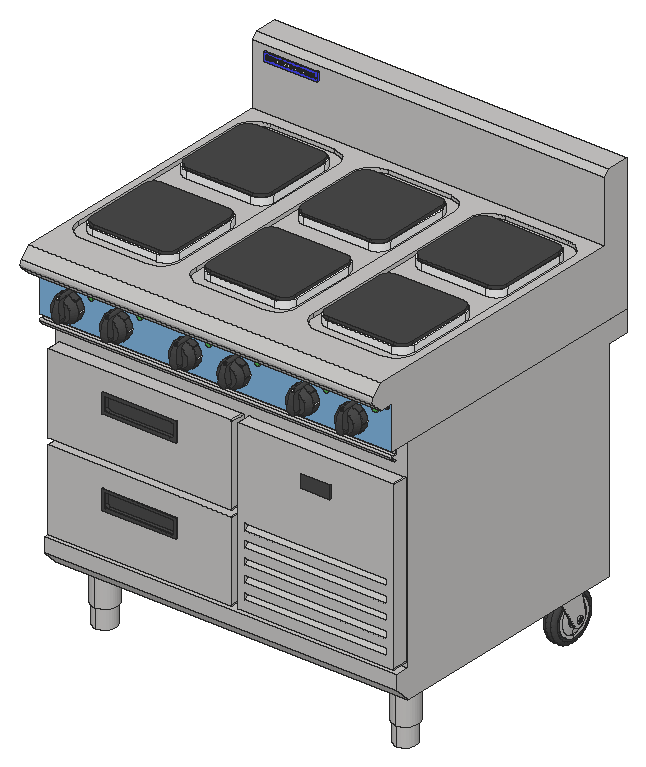
Revit family "QF_Moffat_E516S-RB_Electrical_Cooktop_cat", category Specialty Equipment, Revit 2019 (continued)
Definition of nested family "QF_LOGO_BLue Seal"
  Forms (mm)
    Extrusion 1, solid
      sketch origin (0, 0, 0) x (1, 0, 0) y (0, 0, 1)
        loop
          line (136, 23) -> (2, 23)
        loop
          arc (16.625, 15.317) -> (15.943, 15.034) -> (15.66, 14.352) r 0.965
          line (15.66, 14.352) -> (15.66, 8.169)
          arc (15.66, 8.169) -> (15.953, 7.461) -> (16.66, 7.169) r 1
          line (16.66, 7.169) -> (27.958, 7.169)
          arc (27.958, 7.169) -> (29.995, 9.206) -> (27.958, 11.243) r 2.037
          arc (27.958, 11.243) -> (29.995, 13.28) -> (27.958, 15.317) r 2.037
          line (27.958, 15.317) -> (16.625, 15.317)
        loop
          line (21.163, 13.835) -> (21.163, 12.291) -> (23.596, 12.291)
          arc (23.596, 12.291) -> (24.368, 13.063) -> (23.596, 13.835) r 0.772
          line (23.596, 13.835) -> (21.163, 13.835)
        loop
          line (21.163, 8.544) -> (23.596, 8.544)
          arc (23.596, 8.544) -> (24.368, 9.316) -> (23.596, 10.089) r 0.772
          line (23.596, 10.089) -> (21.163, 10.089) -> (21.163, 8.544)
        loop
          arc (32.475, 15.317) -> (31.768, 15.024) -> (31.475, 14.317) r 1
          line (31.475, 14.317) -> (31.475, 8.169)
          arc (31.475, 8.169) -> (31.768, 7.461) -> (32.475, 7.169) r 1
          line (32.475, 7.169) -> (41.849, 7.169)
          arc (41.849, 7.169) -> (42.859, 8.178) -> (41.849, 9.188) r 1.01
          line (41.849, 9.188) -> (37.262, 9.188) -> (37.262, 14.317)
          arc (37.262, 14.317) -> (36.969, 15.024) -> (36.262, 15.317) r 1
          line (36.262, 15.317) -> (32.475, 15.317)
        loop
          arc (44.648, 15.317) -> (43.941, 15.024) -> (43.648, 14.317) r 1
          line (43.648, 14.317) -> (43.648, 9.124)
          arc (43.648, 9.124) -> (44.221, 7.741) -> (45.604, 7.169) r 1.956
          line (45.604, 7.169) -> (55.306, 7.169)
          arc (55.306, 7.169) -> (56.749, 7.766) -> (57.347, 9.209) r 2.04
          line (57.347, 9.209) -> (57.347, 14.358)
          arc (57.347, 14.358) -> (57.066, 15.036) -> (56.388, 15.317) r 0.959
          line (56.388, 15.317) -> (52.676, 15.317)
          arc (52.676, 15.317) -> (51.968, 15.024) -> (51.676, 14.317) r 1
          line (51.676, 14.317) -> (51.676, 10.17)
          arc (51.676, 10.17) -> (50.529, 9.024) -> (49.383, 10.17) r 1.146
          line (49.383, 10.17) -> (49.383, 14.317)
          arc (49.383, 14.317) -> (49.09, 15.024) -> (48.383, 15.317) r 1
          line (48.383, 15.317) -> (44.648, 15.317)
        loop
          arc (60.035, 15.317) -> (59.328, 15.024) -> (59.035, 14.317) r 1
          line (59.035, 14.317) -> (59.035, 8.169)
          arc (59.035, 8.169) -> (59.328, 7.461) -> (60.035, 7.169) r 1
          line (60.035, 7.169) -> (69.845, 7.169)
          arc (69.845, 7.169) -> (70.828, 8.152) -> (69.845, 9.135) r 0.983
          line (69.845, 9.135) -> (65.06, 9.135) -> (65.06, 10.415) -> (69.988, 10.415)
          arc (69.988, 10.415) -> (70.828, 11.255) -> (69.988, 12.095) r 0.84
          line (69.988, 12.095) -> (65.06, 12.095) -> (65.06, 13.215) -> (69.777, 13.215)
          arc (69.777, 13.215) -> (70.828, 14.266) -> (69.777, 15.317) r 1.051
          line (69.777, 15.317) -> (60.035, 15.317)
        loop
          line (77.315, 14.317) -> (77.315, 11.634)
          arc (77.315, 11.634) -> (77.608, 10.927) -> (78.315, 10.634) r 1
          line (78.315, 10.634) -> (85.957, 10.634) -> (85.957, 8.756) -> (82.871, 8.756) -> (82.871, 9.708) -> (77.315, 9.708) -> (77.315, 8.169)
          arc (77.315, 8.169) -> (77.608, 7.461) -> (78.315, 7.169) r 1
          line (78.315, 7.169) -> (90.614, 7.169)
          arc (90.614, 7.169) -> (91.321, 7.461) -> (91.614, 8.169) r 1
          line (91.614, 8.169) -> (91.614, 11.073)
          arc (91.614, 11.073) -> (91.322, 11.778) -> (90.617, 12.07) r 0.996
          line (90.617, 12.07) -> (82.871, 12.07) -> (82.871, 13.786) -> (85.957, 13.786) -> (85.957, 12.856) -> (91.614, 12.856) -> (91.614, 14.317)
          arc (91.614, 14.317) -> (91.321, 15.024) -> (90.614, 15.317) r 1
          line (90.614, 15.317) -> (78.315, 15.317)
          arc (78.315, 15.317) -> (77.608, 15.024) -> (77.315, 14.317) r 1
        loop
          arc (107.404, 15.317) -> (106.697, 15.024) -> (106.404, 14.317) r 1
          line (106.404, 14.317) -> (106.404, 8.169)
          arc (106.404, 8.169) -> (106.697, 7.461) -> (107.404, 7.169) r 1
          line (107.404, 7.169) -> (111.34, 7.169)
          arc (111.34, 7.169) -> (112.047, 7.461) -> (112.34, 8.169) r 1
          line (112.34, 8.169) -> (112.34, 9.135) -> (115.1, 9.135) -> (115.1, 8.169)
          arc (115.1, 8.169) -> (115.393, 7.461) -> (116.1, 7.169) r 1
          line (116.1, 7.169) -> (119.975, 7.169)
          arc (119.975, 7.169) -> (120.682, 7.461) -> (120.975, 8.169) r 1
          line (120.975, 8.169) -> (120.975, 14.317)
          arc (120.975, 14.317) -> (120.682, 15.024) -> (119.975, 15.317) r 1
          line (119.975, 15.317) -> (107.404, 15.317)
        loop
          arc (94.016, 15.317) -> (93.309, 15.024) -> (93.016, 14.317) r 1
          line (93.016, 14.317) -> (93.016, 8.169)
          arc (93.016, 8.169) -> (93.309, 7.461) -> (94.016, 7.169) r 1
          line (94.016, 7.169) -> (103.826, 7.169)
          arc (103.826, 7.169) -> (104.809, 8.152) -> (103.826, 9.135) r 0.983
          line (103.826, 9.135) -> (99.041, 9.135) -> (99.041, 10.415) -> (103.969, 10.415)
          arc (103.969, 10.415) -> (104.809, 11.255) -> (103.969, 12.095) r 0.84
          line (103.969, 12.095) -> (99.041, 12.095) -> (99.041, 13.215) -> (103.759, 13.215)
          arc (103.759, 13.215) -> (104.809, 14.266) -> (103.759, 15.317) r 1.051
          line (103.759, 15.317) -> (94.016, 15.317)
        loop
          line (112.34, 11.583) -> (115.1, 11.583) -> (115.1, 12.915)
          arc (115.1, 12.915) -> (114.954, 13.268) -> (114.6, 13.415) r 0.5
          line (114.6, 13.415) -> (112.84, 13.415)
          arc (112.84, 13.415) -> (112.487, 13.268) -> (112.34, 12.915) r 0.5
          line (112.34, 12.915) -> (112.34, 11.583)
        loop
          arc (123.692, 15.317) -> (122.985, 15.024) -> (122.692, 14.317) r 1
          line (122.692, 14.317) -> (122.692, 8.169)
          arc (122.692, 8.169) -> (122.985, 7.461) -> (123.692, 7.169) r 1
          line (123.692, 7.169) -> (133.067, 7.169)
          arc (133.067, 7.169) -> (134.076, 8.178) -> (133.067, 9.188) r 1.01
          line (133.067, 9.188) -> (128.479, 9.188) -> (128.479, 14.317)
          arc (128.479, 14.317) -> (128.186, 15.024) -> (127.479, 15.317) r 1
          line (127.479, 15.317) -> (123.692, 15.317)
        loop
          circle (8.135, 11.2) r 4.581
      from 0 to 3.2
    Extrusion 2, solid
      sketch origin (0, 0, 0) x (1, 0, 0) y (0, 0, 1)
        loop
          circle (8.135, 11.2) r 4.581
        loop
          line (8.289, 15.169) -> (8.289, 7.231)
          arc (8.289, 7.231) -> (12.08, 11.2) -> (8.289, 15.169) r 3.973
        loop
          arc (16.625, 15.317) -> (15.943, 15.034) -> (15.66, 14.352) r 0.965
          line (15.66, 14.352) -> (15.66, 8.169)
          arc (15.66, 8.169) -> (15.953, 7.461) -> (16.66, 7.169) r 1
          line (16.66, 7.169) -> (27.958, 7.169)
          arc (27.958, 7.169) -> (29.995, 9.206) -> (27.958, 11.243) r 2.037
          arc (27.958, 11.243) -> (29.995, 13.28) -> (27.958, 15.317) r 2.037
          line (27.958, 15.317) -> (16.625, 15.317)
        loop
          line (21.163, 12.291) -> (23.596, 12.291)
          arc (23.596, 12.291) -> (24.368, 13.063) -> (23.596, 13.835) r 0.772
          line (23.596, 13.835) -> (21.163, 13.835) -> (21.163, 12.291)
        loop
          line (23.596, 10.089) -> (21.163, 10.089) -> (21.163, 8.544) -> (23.596, 8.544)
          arc (23.596, 8.544) -> (24.368, 9.316) -> (23.596, 10.089) r 0.772
        loop
          arc (37.262, 14.317) -> (36.969, 15.024) -> (36.262, 15.317) r 1
          line (36.262, 15.317) -> (32.475, 15.317)
          arc (32.475, 15.317) -> (31.768, 15.024) -> (31.475, 14.317) r 1
          line (31.475, 14.317) -> (31.475, 8.169)
          arc (31.475, 8.169) -> (31.768, 7.461) -> (32.475, 7.169) r 1
          line (32.475, 7.169) -> (41.849, 7.169)
          arc (41.849, 7.169) -> (42.859, 8.178) -> (41.849, 9.188) r 1.01
          line (41.849, 9.188) -> (37.262, 9.188) -> (37.262, 14.317)
        loop
          arc (43.648, 9.124) -> (44.221, 7.741) -> (45.604, 7.169) r 1.956
          line (45.604, 7.169) -> (55.306, 7.169)
          arc (55.306, 7.169) -> (56.749, 7.766) -> (57.347, 9.209) r 2.04
          line (57.347, 9.209) -> (57.347, 14.358)
          arc (57.347, 14.358) -> (57.066, 15.036) -> (56.388, 15.317) r 0.959
          line (56.388, 15.317) -> (52.676, 15.317)
          arc (52.676, 15.317) -> (51.968, 15.024) -> (51.676, 14.317) r 1
          line (51.676, 14.317) -> (51.676, 10.17)
          arc (51.676, 10.17) -> (50.529, 9.024) -> (49.383, 10.17) r 1.146
          line (49.383, 10.17) -> (49.383, 14.317)
          arc (49.383, 14.317) -> (49.09, 15.024) -> (48.383, 15.317) r 1
          line (48.383, 15.317) -> (44.648, 15.317)
          arc (44.648, 15.317) -> (43.941, 15.024) -> (43.648, 14.317) r 1
          line (43.648, 14.317) -> (43.648, 9.124)
        loop
          arc (69.777, 13.215) -> (70.828, 14.266) -> (69.777, 15.317) r 1.051
          line (69.777, 15.317) -> (60.035, 15.317)
          arc (60.035, 15.317) -> (59.328, 15.024) -> (59.035, 14.317) r 1
          line (59.035, 14.317) -> (59.035, 8.169)
          arc (59.035, 8.169) -> (59.328, 7.461) -> (60.035, 7.169) r 1
          line (60.035, 7.169) -> (69.845, 7.169)
          arc (69.845, 7.169) -> (70.828, 8.152) -> (69.845, 9.135) r 0.983
          line (69.845, 9.135) -> (65.06, 9.135) -> (65.06, 10.415) -> (69.988, 10.415)
          arc (69.988, 10.415) -> (70.828, 11.255) -> (69.988, 12.095) r 0.84
          line (69.988, 12.095) -> (65.06, 12.095) -> (65.06, 13.215) -> (69.777, 13.215)
        loop
          line (82.871, 13.786) -> (85.957, 13.786) -> (85.957, 12.856) -> (91.614, 12.856) -> (91.614, 14.317)
          arc (91.614, 14.317) -> (91.321, 15.024) -> (90.614, 15.317) r 1
          line (90.614, 15.317) -> (78.315, 15.317)
          arc (78.315, 15.317) -> (77.608, 15.024) -> (77.315, 14.317) r 1
          line (77.315, 14.317) -> (77.315, 11.634)
          arc (77.315, 11.634) -> (77.608, 10.927) -> (78.315, 10.634) r 1
          line (78.315, 10.634) -> (85.957, 10.634) -> (85.957, 8.756) -> (82.871, 8.756) -> (82.871, 9.708) -> (77.315, 9.708) -> (77.315, 8.169)
          arc (77.315, 8.169) -> (77.608, 7.461) -> (78.315, 7.169) r 1
          line (78.315, 7.169) -> (90.614, 7.169)
          arc (90.614, 7.169) -> (91.321, 7.461) -> (91.614, 8.169) r 1
          line (91.614, 8.169) -> (91.614, 11.073)
          arc (91.614, 11.073) -> (91.322, 11.778) -> (90.617, 12.07) r 0.996
          line (90.617, 12.07) -> (82.871, 12.07) -> (82.871, 13.786)
        loop
          arc (103.759, 13.215) -> (104.809, 14.266) -> (103.759, 15.317) r 1.051
          line (103.759, 15.317) -> (94.016, 15.317)
          arc (94.016, 15.317) -> (93.309, 15.024) -> (93.016, 14.317) r 1
          line (93.016, 14.317) -> (93.016, 8.169)
          arc (93.016, 8.169) -> (93.309, 7.461) -> (94.016, 7.169) r 1
          line (94.016, 7.169) -> (103.826, 7.169)
          arc (103.826, 7.169) -> (104.809, 8.152) -> (103.826, 9.135) r 0.983
          line (103.826, 9.135) -> (99.041, 9.135) -> (99.041, 10.415) -> (103.969, 10.415)
          arc (103.969, 10.415) -> (104.809, 11.255) -> (103.969, 12.095) r 0.84
          line (103.969, 12.095) -> (99.041, 12.095) -> (99.041, 13.215) -> (103.759, 13.215)
        loop
          line (112.34, 12.915) -> (112.34, 11.583) -> (115.1, 11.583) -> (115.1, 12.915)
          arc (115.1, 12.915) -> (114.954, 13.268) -> (114.6, 13.415) r 0.5
          line (114.6, 13.415) -> (112.84, 13.415)
          arc (112.84, 13.415) -> (112.487, 13.268) -> (112.34, 12.915) r 0.5
        loop
          arc (119.975, 7.169) -> (120.682, 7.461) -> (120.975, 8.169) r 1
          line (120.975, 8.169) -> (120.975, 14.317)
          arc (120.975, 14.317) -> (120.682, 15.024) -> (119.975, 15.317) r 1
          line (119.975, 15.317) -> (107.404, 15.317)
          arc (107.404, 15.317) -> (106.697, 15.024) -> (106.404, 14.317) r 1
          line (106.404, 14.317) -> (106.404, 8.169)
          arc (106.404, 8.169) -> (106.697, 7.461) -> (107.404, 7.169) r 1
          line (107.404, 7.169) -> (111.34, 7.169)
          arc (111.34, 7.169) -> (112.047, 7.461) -> (112.34, 8.169) r 1
          line (112.34, 8.169) -> (112.34, 9.135) -> (115.1, 9.135) -> (115.1, 8.169)
          arc (115.1, 8.169) -> (115.393, 7.461) -> (116.1, 7.169) r 1
          line (116.1, 7.169) -> (119.975, 7.169)
        loop
          arc (122.692, 8.169) -> (122.985, 7.461) -> (123.692, 7.169) r 1
          line (123.692, 7.169) -> (133.067, 7.169)
          arc (133.067, 7.169) -> (134.076, 8.178) -> (133.067, 9.188) r 1.01
          line (133.067, 9.188) -> (128.479, 9.188) -> (128.479, 14.317)
          arc (128.479, 14.317) -> (128.186, 15.024) -> (127.479, 15.317) r 1
          line (127.479, 15.317) -> (123.692, 15.317)
          arc (123.692, 15.317) -> (122.985, 15.024) -> (122.692, 14.317) r 1
          line (122.692, 14.317) -> (122.692, 8.169)
        loop
          line (8.019, 7.227) -> (8.019, 15.172)
          arc (8.019, 15.172) -> (4.133, 11.2) -> (8.019, 7.227) r 3.973
      from 0 to 3.2
    Extrusion 3, solid
      sketch origin (0, 0, 0) x (1, 0, 0) y (0, 0, 1)
        loop
          line (8.289, 15.169) -> (8.289, 7.231)
          arc (8.289, 7.231) -> (12.08, 11.2) -> (8.289, 15.169) r 3.973
      from 0 to 3.2
    Extrusion 4, solid
      sketch origin (16.271, 0, 0) x (-1, 0, 0) y (0, 0, -1)
        loop
          arc (8.252, -15.172) -> (12.138, -11.2) -> (8.252, -7.227) r 3.973
          line (8.252, -7.227) -> (8.252, -15.172)
      from 0 to 3.2
  Dimensions and locks
    equal spacing: plane 3 "LEFT", plane 7 "Center Y", plane 4 "RIGHT"
    "Length": plane 3 "LEFT" to plane 4 "RIGHT"
    equal spacing: plane 5 "FRONT", plane 8 "Center X", plane 1 "BACK"
    "Depth": plane 5 "FRONT" to plane 1 "BACK"
    "Height": plane 6 "TOP" to level
    plane 4 "RIGHT" to plane 3 "LEFT" = 138 mm
    aligned and locked: level to plane 2
  Automatic sketch dimensions
    Extrusion 1 sketch curve to Extrusion 1 sketch curve = 0 mm  (x12)
    Extrusion 1 sketch curve to plane 3 "LEFT" = 0 mm
    Extrusion 1 sketch curve to level = 0 mm
    Extrusion 1 sketch curve to plane 6 "TOP" = 0 mm
    plane 4 "RIGHT" to Extrusion 1 sketch curve = 0 mm
    plane 3 "LEFT" to Extrusion 1 sketch curve = 2 mm
    Extrusion 1 sketch curve to Extrusion 1 sketch curve = 2 mm
    plane 3 "LEFT" to Extrusion 1 sketch curve = 8.135 mm
    Extrusion 1 sketch curve to Extrusion 1 sketch curve = 7.524 mm
    Extrusion 1 sketch curve to Extrusion 1 sketch curve = 0.965 mm
    Extrusion 1 sketch curve to Extrusion 1 sketch curve = 1 mm  (x22)
    Extrusion 1 sketch curve to Extrusion 1 sketch curve = 4.503 mm
    Extrusion 1 sketch curve to Extrusion 1 sketch curve = 2.434 mm  (x2)
    Extrusion 1 sketch curve to Extrusion 1 sketch curve = 4.362 mm
    Extrusion 1 sketch curve to Extrusion 1 sketch curve = 3.517 mm
    Extrusion 1 sketch curve to Extrusion 1 sketch curve = 3.787 mm  (x2)
    Extrusion 1 sketch curve to Extrusion 1 sketch curve = 4.787 mm
    Extrusion 1 sketch curve to Extrusion 1 sketch curve = 4.588 mm
    Extrusion 1 sketch curve to Extrusion 1 sketch curve = 1.798 mm
    Extrusion 1 sketch curve to Extrusion 1 sketch curve = 1.956 mm  (x2)
    Extrusion 1 sketch curve to Extrusion 1 sketch curve = 3.735 mm
    Extrusion 1 sketch curve to Extrusion 1 sketch curve = 3.779 mm
    Extrusion 1 sketch curve to Extrusion 1 sketch curve = 1.146 mm
    Extrusion 1 sketch curve to Extrusion 1 sketch curve = 3.631 mm
    Extrusion 1 sketch curve to Extrusion 1 sketch curve = 3.713 mm
    Extrusion 1 sketch curve to Extrusion 1 sketch curve = 0.959 mm
    Extrusion 1 sketch curve to Extrusion 1 sketch curve = 1.688 mm
    Extrusion 1 sketch curve to plane 7 "Center Y" = 3.94 mm
    plane 7 "Center Y" to Extrusion 1 sketch curve = 0.777 mm
    plane 7 "Center Y" to Extrusion 1 sketch curve = 0.845 mm
    plane 7 "Center Y" to Extrusion 1 sketch curve = 0.988 mm
    Extrusion 1 sketch curve to Extrusion 1 sketch curve = 7.327 mm
    Extrusion 1 sketch curve to Extrusion 1 sketch curve = 4.556 mm
    Extrusion 1 sketch curve to Extrusion 1 sketch curve = 3.087 mm
    Extrusion 1 sketch curve to Extrusion 1 sketch curve = 4.657 mm  (x2)
    Extrusion 1 sketch curve to Extrusion 1 sketch curve = 0.004 mm
    Extrusion 1 sketch curve to Extrusion 1 sketch curve = 0.996 mm  (x2)
    Extrusion 1 sketch curve to Extrusion 1 sketch curve = 1.402 mm
    Extrusion 1 sketch curve to Extrusion 1 sketch curve = 5.025 mm
    Extrusion 1 sketch curve to Extrusion 1 sketch curve = 4.717 mm
    Extrusion 1 sketch curve to Extrusion 1 sketch curve = 4.785 mm
    Extrusion 1 sketch curve to Extrusion 1 sketch curve = 0.211 mm
    Extrusion 1 sketch curve to Extrusion 1 sketch curve = 2.645 mm
    Extrusion 1 sketch curve to Extrusion 1 sketch curve = 3.936 mm
    Extrusion 1 sketch curve to Extrusion 1 sketch curve = 0.5 mm  (x2)
    Extrusion 1 sketch curve to Extrusion 1 sketch curve = 1.76 mm
    Extrusion 1 sketch curve to Extrusion 1 sketch curve = 2.76 mm
    Extrusion 1 sketch curve to Extrusion 1 sketch curve = 4.875 mm
    Extrusion 1 sketch curve to Extrusion 1 sketch curve = 3.875 mm
    Extrusion 1 sketch curve to Extrusion 1 sketch curve = 1.717 mm
    plane 4 "RIGHT" to Extrusion 1 sketch curve = 4.933 mm
    plane 4 "RIGHT" to Extrusion 1 sketch curve = 2 mm  (x2)
    level to Extrusion 1 sketch curve = 7.169 mm  (x5)
    Extrusion 1 sketch curve to Extrusion 1 sketch curve = 5.169 mm
    Extrusion 1 sketch curve to Extrusion 1 sketch curve = 0.983 mm  (x2)
    Extrusion 1 sketch curve to Extrusion 1 sketch curve = 1.01 mm  (x2)
    Extrusion 1 sketch curve to Extrusion 1 sketch curve = 0.376 mm
    Extrusion 1 sketch curve to Extrusion 1 sketch curve = 0.588 mm
    Extrusion 1 sketch curve to Extrusion 1 sketch curve = 0.966 mm
    Extrusion 1 sketch curve to Extrusion 1 sketch curve = 2.037 mm  (x2)
    Extrusion 1 sketch curve to Extrusion 1 sketch curve = 0.772 mm  (x2)
    Extrusion 1 sketch curve to Extrusion 1 sketch curve = 0.952 mm
    Extrusion 1 sketch curve to Extrusion 1 sketch curve = 1.046 mm
    Extrusion 1 sketch curve to Extrusion 1 sketch curve = 1.28 mm  (x2)
    Extrusion 1 sketch curve to Extrusion 1 sketch curve = 1.878 mm
    Extrusion 1 sketch curve to Extrusion 1 sketch curve = 2.905 mm
    Extrusion 1 sketch curve to Extrusion 1 sketch curve = 3.031 mm
    Extrusion 1 sketch curve to Extrusion 1 sketch curve = 0.84 mm  (x2)
    Extrusion 1 sketch curve to Extrusion 1 sketch curve = 2.448 mm
    Extrusion 1 sketch curve to Extrusion 1 sketch curve = 2.202 mm
    Extrusion 1 sketch curve to Extrusion 1 sketch curve = 0.786 mm
    Extrusion 1 sketch curve to Extrusion 1 sketch curve = 1.332 mm
    Extrusion 1 sketch curve to Extrusion 1 sketch curve = 1.12 mm  (x2)
    Extrusion 1 sketch curve to Extrusion 1 sketch curve = 1.716 mm
    Extrusion 1 sketch curve to Extrusion 1 sketch curve = 1.051 mm  (x2)
    Extrusion 1 sketch curve to Extrusion 1 sketch curve = 4.147 mm
    Extrusion 1 sketch curve to Extrusion 1 sketch curve = 5.129 mm
    Extrusion 1 sketch curve to Extrusion 1 sketch curve = 0.051 mm
    Extrusion 1 sketch curve to Extrusion 1 sketch curve = 1.037 mm
    Extrusion 1 sketch curve to Extrusion 1 sketch curve = 0.516 mm
    plane 3 "LEFT" to Extrusion 1 sketch curve = 3.555 mm
    Extrusion 2 sketch curve to Extrusion 2 sketch curve = 0 mm  (x16)
    plane 3 "LEFT" to Extrusion 2 sketch curve = 8.019 mm
    Extrusion 2 sketch curve to Extrusion 2 sketch curve = 0.088 mm
    Extrusion 2 sketch curve to Extrusion 2 sketch curve = 0.029 mm
    Extrusion 2 sketch curve to Extrusion 2 sketch curve = 0.27 mm
    Extrusion 2 sketch curve to Extrusion 2 sketch curve = 7.371 mm
    Extrusion 2 sketch curve to Extrusion 2 sketch curve = 0.965 mm
    Extrusion 2 sketch curve to Extrusion 2 sketch curve = 1 mm  (x24)
    Extrusion 2 sketch curve to Extrusion 2 sketch curve = 4.503 mm
    Extrusion 2 sketch curve to Extrusion 2 sketch curve = 2.434 mm
    Extrusion 2 sketch curve to Extrusion 2 sketch curve = 4.362 mm
    Extrusion 2 sketch curve to Extrusion 2 sketch curve = 3.517 mm
    Extrusion 2 sketch curve to Extrusion 2 sketch curve = 3.787 mm  (x2)
    Extrusion 2 sketch curve to Extrusion 2 sketch curve = 4.787 mm  (x2)
    Extrusion 2 sketch curve to Extrusion 2 sketch curve = 4.588 mm  (x2)
    Extrusion 2 sketch curve to Extrusion 2 sketch curve = 1.798 mm
    Extrusion 2 sketch curve to Extrusion 2 sketch curve = 1.956 mm
    Extrusion 2 sketch curve to Extrusion 2 sketch curve = 3.735 mm
    Extrusion 2 sketch curve to Extrusion 2 sketch curve = 1.146 mm
    Extrusion 2 sketch curve to Extrusion 2 sketch curve = 3.631 mm
    Extrusion 2 sketch curve to Extrusion 2 sketch curve = 3.713 mm
    Extrusion 2 sketch curve to Extrusion 2 sketch curve = 0.959 mm
    Extrusion 2 sketch curve to Extrusion 2 sketch curve = 1.688 mm
    Extrusion 2 sketch curve to plane 7 "Center Y" = 3.94 mm
    plane 7 "Center Y" to Extrusion 2 sketch curve = 0.777 mm
    plane 7 "Center Y" to Extrusion 2 sketch curve = 0.845 mm
    plane 7 "Center Y" to Extrusion 2 sketch curve = 0.988 mm
    Extrusion 2 sketch curve to Extrusion 2 sketch curve = 7.327 mm
    Extrusion 2 sketch curve to Extrusion 2 sketch curve = 4.556 mm
    Extrusion 2 sketch curve to Extrusion 2 sketch curve = 3.087 mm
    Extrusion 2 sketch curve to Extrusion 2 sketch curve = 4.657 mm  (x2)
    Extrusion 2 sketch curve to Extrusion 2 sketch curve = 0.004 mm
    Extrusion 2 sketch curve to Extrusion 2 sketch curve = 0.996 mm
    Extrusion 2 sketch curve to Extrusion 2 sketch curve = 1.402 mm
    Extrusion 2 sketch curve to Extrusion 2 sketch curve = 5.025 mm
    Extrusion 2 sketch curve to Extrusion 2 sketch curve = 4.717 mm
    Extrusion 2 sketch curve to Extrusion 2 sketch curve = 4.785 mm
    Extrusion 2 sketch curve to Extrusion 2 sketch curve = 0.211 mm
    Extrusion 2 sketch curve to Extrusion 2 sketch curve = 2.578 mm
    Extrusion 2 sketch curve to Extrusion 2 sketch curve = 3.936 mm
    Extrusion 2 sketch curve to Extrusion 2 sketch curve = 0.5 mm  (x2)
    Extrusion 2 sketch curve to Extrusion 2 sketch curve = 1.76 mm
    Extrusion 2 sketch curve to Extrusion 2 sketch curve = 2.76 mm
    Extrusion 2 sketch curve to Extrusion 2 sketch curve = 3.875 mm
    Extrusion 2 sketch curve to Extrusion 2 sketch curve = 4.875 mm
    Extrusion 2 sketch curve to Extrusion 2 sketch curve = 1.717 mm
    level to Extrusion 2 sketch curve = 7.169 mm  (x6)
    level to Extrusion 2 sketch curve = 7.227 mm
    Extrusion 2 sketch curve to Extrusion 2 sketch curve = 0.003 mm
    Extrusion 2 sketch curve to Extrusion 2 sketch curve = 0.983 mm  (x2)
    Extrusion 2 sketch curve to Extrusion 2 sketch curve = 1.01 mm  (x2)
    Extrusion 2 sketch curve to Extrusion 2 sketch curve = 1.376 mm
    Extrusion 2 sketch curve to Extrusion 2 sketch curve = 0.588 mm
    Extrusion 2 sketch curve to Extrusion 2 sketch curve = 0.966 mm
    Extrusion 2 sketch curve to Extrusion 2 sketch curve = 2.037 mm  (x2)
    Extrusion 2 sketch curve to Extrusion 2 sketch curve = 0.772 mm  (x2)
    Extrusion 2 sketch curve to Extrusion 2 sketch curve = 1.539 mm
    Extrusion 2 sketch curve to Extrusion 2 sketch curve = 0.961 mm
    Extrusion 2 sketch curve to Extrusion 2 sketch curve = 1.28 mm  (x2)
    Extrusion 2 sketch curve to Extrusion 2 sketch curve = 1.878 mm
    Extrusion 2 sketch curve to Extrusion 2 sketch curve = 2.905 mm
    Extrusion 2 sketch curve to Extrusion 2 sketch curve = 3.969 mm
    Extrusion 2 sketch curve to Extrusion 2 sketch curve = 0.84 mm  (x2)
    Extrusion 2 sketch curve to Extrusion 2 sketch curve = 2.448 mm
    Extrusion 2 sketch curve to Extrusion 2 sketch curve = 2.202 mm
    Extrusion 2 sketch curve to Extrusion 2 sketch curve = 2.222 mm
    Extrusion 2 sketch curve to Extrusion 2 sketch curve = 1.332 mm
    Extrusion 2 sketch curve to Extrusion 2 sketch curve = 1.12 mm  (x2)
    Extrusion 2 sketch curve to Extrusion 2 sketch curve = 0.929 mm
    Extrusion 2 sketch curve to Extrusion 2 sketch curve = 1.051 mm  (x2)
    Extrusion 2 sketch curve to Extrusion 2 sketch curve = 5.129 mm  (x2)
    Extrusion 2 sketch curve to Extrusion 2 sketch curve = 4.147 mm
    Extrusion 2 sketch curve to Extrusion 2 sketch curve = 0.516 mm
    plane 3 "LEFT" to Extrusion 2 sketch curve = 3.555 mm
    plane 3 "LEFT" to Extrusion 3 sketch curve = 8.107 mm
    Extrusion 3 sketch curve to Extrusion 3 sketch curve = 0.182 mm
    level to Extrusion 3 sketch curve = 7.231 mm
    Extrusion 3 sketch curve to Extrusion 3 sketch curve = 3.969 mm
    Extrusion 4 sketch curve to plane 3 "LEFT" = 8.107 mm
    Extrusion 4 sketch curve to Extrusion 4 sketch curve = 0.088 mm
    Extrusion 4 sketch curve to level = 7.227 mm
    Extrusion 4 sketch curve to Extrusion 4 sketch curve = 3.972 mm
Definition of nested family "6 INCHES 02_CASTER"
  Parameters (values of type "6 INCHES 02_CASTER")
    Weight = ""
    URL Manufacturer = ""
    URL Cutsheet = ""
    URL = ""
    Type Mark [instance] = ""
    Specification by User [instance] = ""
    Specification by Manufacturer = ""
    Show Casters [instance] = yes
    Serial Number = ""
    Seismic Rating = ""
    SMACNA No = ""
    Revision Code [instance] = ""
    Omniclass Number and Title = ""
    NAFEM Spec ID Number = ""
    Model = ""
    MasterSpec. = ""
    Manufacturer = ""
    Item Number [instance] = ""
    Installed By [instance] = ""
    Identify Quantity as Lot [instance] = yes
    Furnished By [instance] = ""
    Foodservice Equipment Identifier [instance] = yes
    Description = ""
    CSI MasterFormat = ""
    CSI Master Format = ""
  Reference planes
    plane 1 "BACK": y = 0
    plane 2: z = 0
    plane 3 "LEFT": x = 0
    plane 4 "RIGHT": x = 0
    plane 5 "FRONT": y = 0
    plane 6 "TOP": z = 150
  Forms (mm)
    Revolve 1, solid, visible <- "Show Casters"
      sketch origin (-56.335, 0, -6.35) x (-1, 0, 0) y (0, 0, 1)
        loop
          line (-56.335, 152.4) -> (-56.335, 141.118) -> (-23.798, 141.118) -> (-23.798, 152.4) -> (-56.335, 152.4)
        axis (-56.335, 141.118) -> (-56.335, 152.4)
      angle from 0 to 360
    Extrusion 2, solid, visible <- "Show Casters"
      sketch origin (6.501, 53.083, -4.762) x (0, 1, 0) y (0, 0, 1)
        loop
          line (-85.799, 139.531) -> (-85.799, 133.181) -> (-42.478, 58.614)
          arc (-42.478, 58.614) -> (-16.638, 50.199) -> (-6.442, 75.39) r 19.923
          line (-6.442, 75.39) -> (-20.366, 139.531) -> (-85.799, 139.531)
      from 20.058 to 22.923
    Extrusion 3, solid, visible <- "Show Casters"
      sketch origin (0, 0, 146.05) x (0, 1, 0) y (-1, 0, 0)
        loop
          circle (0, 0) r 19.05
      from 0 to 3.95
    Extrusion 4, solid, visible <- "Show Casters"
      sketch origin (-6.501, 53.083, -4.762) x (0, 1, 0) y (0, 0, -1)
        loop
          line (-85.799, -133.181) -> (-85.799, -139.531) -> (-20.366, -139.531) -> (-6.442, -75.39)
          arc (-6.442, -75.39) -> (-16.638, -50.199) -> (-42.478, -58.614) r 19.923
          line (-42.478, -58.614) -> (-85.799, -133.181)
      from 20.058 to 22.923
    Extrusion 5, solid, visible <- "Show Casters"
      sketch origin (0, -3.253, 19.05) x (0, 1, 0) y (0, 0, 1)
        loop
          line (-29.464, 115.718) -> (-29.464, 109.368) -> (35.969, 109.368) -> (35.969, 115.718) -> (-29.464, 115.718)
      from -26.559 to 26.559
    Revolve 6, solid, visible <- "Show Casters"
      sketch origin (-49.213, 28.39, -3.252) x (1, 0, 0) y (0, 0, 1)
        loop
          line (14.841, 65.192) -> (14.841, 61.686) -> (16.111, 60.416) -> (17.635, 60.416) -> (17.635, 56.97) -> (29.782, 56.97) -> (29.782, 46.925) -> (33.069, 45.027) -> (36.232, 25.477) -> (32.544, 25.477) -> (32.544, 19.127) -> (33.338, 19.127) -> (33.338, 12.777)
          arc (33.338, 12.777) -> (36.127, 6.041) -> (42.863, 3.252) r 9.525
          line (42.863, 3.252) -> (55.563, 3.252)
          arc (55.563, 3.252) -> (62.298, 6.041) -> (65.088, 12.777) r 9.525
          line (65.088, 12.777) -> (65.088, 19.127) -> (65.881, 19.127) -> (65.881, 25.477) -> (62.193, 25.477) -> (65.371, 45.116) -> (68.644, 47.006) -> (68.644, 56.97) -> (80.79, 56.97) -> (80.79, 60.416) -> (82.314, 60.416) -> (83.584, 61.686) -> (83.584, 65.192) -> (14.841, 65.192)
        axis (14.841, 65.192) -> (83.584, 65.192)
      angle from 0 to 360
  Cuts and joins
    joined: Extrusion 2, Extrusion 4, Extrusion 5
  Lines and regions (mm)
    symbolic lines, visible <- "Show Casters"
      curve 1: line (11.652, 51.878, 0) -> (39.148, 36.003, 0)
      curve 2: line (-39.148, -36.11, 0) -> (-20.098, -3.115, 0)
      curve 3: line (-11.652, -51.985, 0) -> (-39.148, -36.11, 0)
      curve 4: line (39.148, 36.003, 0) -> (20.098, 3.007, 0)
      curve 5: line (-7.398, 18.882, 0) -> (11.652, 51.878, 0)
      curve 6: line (7.398, -18.99, 0) -> (-11.652, -51.985, 0)
  Dimensions and locks
    plane 6 "TOP" to level = 150 mm  (x2)
    aligned and locked: level to plane 2
